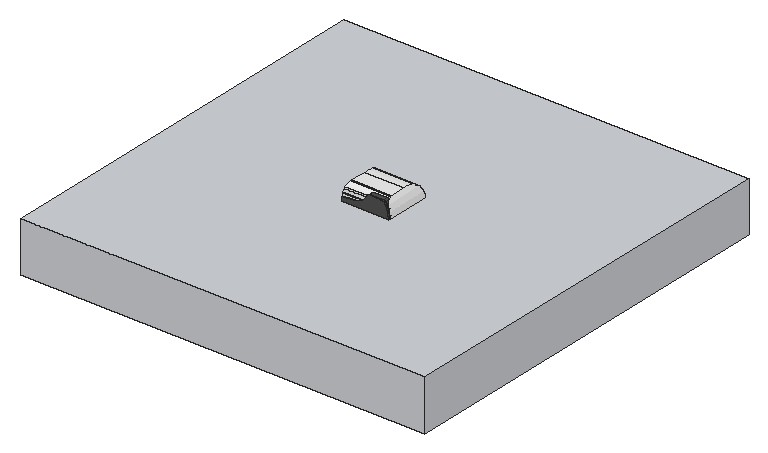
Revit family "706680001 Hand-Dryer_World-Dryer_SLIMdri", category Aparatos eléctricos, Revit 2018
Family settings
  Anfitrión = Cara
  Mantener orientación de anotación = No
  Cota de conector redondo = Diámetro de uso
  Tipo de pieza = Normal
  Número OmniClass = 23.40.20.21.14
  Título OmniClass = Hand and Hair Dryers
  Corte con vacíos al cargar = No
  Compartido = No
  Punto de cálculo de habitación = No
Parameters
  Warranty Duration (Years) = 0
  Voltage_MEP = 0 V
  Vida útil ( ciclos ) = "500.000"
  Unit Width = 290.314 mm
  Unit Weight = 0
  Unit Length = 271.76 mm
  Unit Depth = 99.02 mm
  URL = "https://www.corona.co/producto/secador-slim-max/706680001"
  Tipo = "Accesorio"
  Test Data = ""
  Surface Finish = Metal - World Dryer - White
  Standards Conformance = "as Specified"
  SpecWizard = ""
  Sound Pressure = "69 dB"
  Revision = "R1_7_2012"
  Referencia = "706680001"
  Nombre = "Secador Slim Max"
  Mounting Height [instance] = 939.8 mm
  Modelo = "As Specified"
  Material de fabricación = "Carcasa en aluminio cepillado"
  Marca = "CORONA"
  Manufacturer Website = "http://www.worlddryer.com/"
  Garantía = "10 años en el motor y carcasa  3 años en el ensamble del control"
  Fabricante = "World Dryer"
  Maintenance Schedule (Months) = 0
  MEP Apparent Power = 0 VA
  MEP Amperage = 0 A
  Nota clave = "10810"
  Installation Phase = ""
  Hardware Finish = Metal - World Dryer - Black
  Frequency = 0 Hz
  Expected Lifespan (Years) = 0
  Drying Time = "as Specified"
  Drawn By = "Sumex Design, Inc. / Robert S. Weygant, CSI, CDT, SCIP"
  Descripción = "World Dryer Electric Hand Dryer as Specified"
  Default Elevation = 1219.2 mm
  Cover Material = none
  Copyright = "©Arcat Inc."
  Consumo de energía = "950 Watios"
  Conexión electrica = "Entrada 110 o 240 v"
  Automatic = yes
  Código de montaje = "C1030210"
  Air Temperature = "as Specified"
  Air Output = "as Specified"
  Actuation = "as Specified"
  Accionamiento = "Sensor"
  ADA Compliant = yes
Reference planes
  plane 1 "Center (Front/Back)": y = -9.785
  plane 2: z = 0
  plane 3 "Center (Left/Right)": x = 0
  plane 4: x = -145.157
  plane 5: x = 145.157
  plane 6: z = 99.02
  plane 7 "FF": y = -1085.465
  plane 8: z = 0
  plane 9: y = -145.665
  plane 10: y = 126.095
Forms (mm)
  Extrusion 1, solid
    sketch origin (0, 0, 0) x (1, 0, 0) y (0, 1, 0)
      loop
        line (-1219.2, 1219.2) -> (-1219.2, -1219.2) -> (1219.2, -1219.2) -> (1219.2, 1219.2) -> (-1219.2, 1219.2)
    from 0 to -304.8
  Extrusion 2, solid, detail levels coarse
    sketch origin (0, 0, 0) x (1, 0, 0) y (0, 1, 0)
      loop
        line (-145.256, 125.797) -> (-145.256, -147.253) -> (146.844, -147.253) -> (146.844, 125.797) -> (-145.256, 125.797)
    from 0 to 99.465
Lines and regions (mm)
  symbolic lines, detail levels medium+fine
    curve 1: arc (-119.093, -9.785, 99.241) -> (-138.322, -9.785, 51.241) -> (-145.256, -9.785, 0) r 210.281
    curve 2: arc (-140.065, -9.785, 20.401) -> (-140.924, -9.785, 10.215) -> (-141.287, -9.785, 0) r 210.281
    curve 3: arc (-72.178, -9.785, 29.909) -> (-102.869, -9.785, 26.892) -> (-133.697, -9.785, 26.063) r 433.893
    curve 4: arc (-133.697, -9.785, 26.063) -> (-137.972, -9.785, 24.459) -> (-140.065, -9.785, 20.401) r 6.35
    curve 5: arc (-52.125, -9.785, 33.013) -> (-62.136, -9.785, 31.361) -> (-72.178, -9.785, 29.909) r 505.477
    curve 6: arc (15.456, -9.785, 85.472) -> (-11.826, -9.785, 50.859) -> (-52.125, -9.785, 33.013) r 91.508
    curve 7: arc (27.03, -9.785, 92.944) -> (20.142, -9.785, 90.913) -> (15.456, -9.785, 85.472) r 12.7
    curve 8: line (109.117, -9.785, 92.944) -> (27.03, -9.785, 92.944)
    curve 9: arc (120.529, -9.785, 85.816) -> (115.844, -9.785, 91.015) -> (109.117, -9.785, 92.944) r 12.7
    curve 10: arc (141.288, -9.785, 0) -> (135.58, -9.785, 44.038) -> (120.529, -9.785, 85.816) r 205.133
    curve 11: arc (145.256, -9.785, 0) -> (137.621, -9.785, 51.405) -> (117.313, -9.785, 99.241) r 205.133
    curve 12: line (-119.093, -9.785, 99.241) -> (117.313, -9.785, 99.241)
    curve 13: line (-145.256, -9.785, 0) -> (145.256, -9.785, 0)
    curve 14: line (-145.256, 125.797, 0) -> (-145.256, -134.553, 0)
    curve 15: spline (-119.093, 0.9, 0) -> (-119.098, -6.858, 0) -> (-119.106, -14.616, 0) -> (-119.117, -22.374, 0) -> (-119.132, -30.132, 0) -> (-119.151, -37.89, 0) -> (-119.173, -45.648, 0) -> (-119.198, -53.406, 0) -> (-119.227, -61.163, 0) -> (-119.259, -68.921, 0) -> (-119.295, -76.679, 0) -> (-119.333, -84.436, 0) -> (-119.376, -92.194, 0)
    curve 16: spline (-122.734, 65.591, 0) -> (-122.171, 60.29, 0) -> (-121.655, 54.965, 0) -> (-121.186, 49.619, 0) -> (-120.764, 44.254, 0) -> (-120.389, 38.872, 0) -> (-120.061, 33.476, 0) -> (-119.781, 28.066, 0) -> (-119.548, 22.646, 0) -> (-119.363, 17.217, 0) -> (-119.225, 11.781, 0) -> (-119.135, 6.342, 0) -> (-119.093, 0.9, 0)
    curve 17: spline (-127.74, 89.359, 0) -> (-127.177, 87.594, 0) -> (-126.638, 85.782, 0) -> (-126.125, 83.925, 0) -> (-125.638, 82.025, 0) -> (-125.176, 80.085, 0) -> (-124.742, 78.107, 0) -> (-124.336, 76.094, 0) -> (-123.957, 74.049, 0) -> (-123.608, 71.973, 0) -> (-123.287, 69.87, 0) -> (-122.995, 67.742, 0) -> (-122.734, 65.591, 0)
    curve 18: spline (-139.551, 115.965, 0) -> (-138.658, 114.592, 0) -> (-137.742, 113.05, 0) -> (-136.803, 111.345, 0) -> (-135.845, 109.478, 0) -> (-134.869, 107.455, 0) -> (-133.878, 105.281, 0) -> (-132.874, 102.96, 0) -> (-131.859, 100.498, 0) -> (-130.835, 97.901, 0) -> (-129.806, 95.175, 0) -> (-128.774, 92.325, 0) -> (-127.74, 89.359, 0)
    curve 19: spline (-119.376, -92.194, 0) -> (-119.391, -93.07, 0) -> (-119.422, -93.945, 0) -> (-119.468, -94.818, 0) -> (-119.528, -95.686, 0) -> (-119.604, -96.548, 0) -> (-119.695, -97.405, 0) -> (-119.8, -98.253, 0) -> (-119.92, -99.093, 0) -> (-120.054, -99.923, 0) -> (-120.203, -100.742, 0) -> (-120.365, -101.548, 0) -> (-120.541, -102.341, 0)
    curve 20: spline (-120.541, -102.341, 0) -> (-121.252, -105.172, 0) -> (-122.001, -107.929, 0) -> (-122.787, -110.607, 0) -> (-123.609, -113.198, 0) -> (-124.463, -115.698, 0) -> (-125.35, -118.099, 0) -> (-126.265, -120.397, 0) -> (-127.208, -122.587, 0) -> (-128.175, -124.663, 0) -> (-129.166, -126.62, 0) -> (-130.177, -128.455, 0) -> (-131.206, -130.162, 0)
    curve 21: line (145.259, 125.797, 0) -> (-145.256, 125.797, 0)
    curve 22: spline (130.06, -130.061, 0) -> (129, -128.352, 0) -> (127.956, -126.516, 0) -> (126.928, -124.558, 0) -> (125.921, -122.482, 0) -> (124.935, -120.294, 0) -> (123.973, -117.997, 0) -> (123.038, -115.597, 0) -> (122.131, -113.1, 0) -> (121.254, -110.512, 0) -> (120.411, -107.838, 0) -> (119.601, -105.084, 0) -> (118.828, -102.257, 0)
    curve 23: spline (132.781, -132.557, 0) -> (132.547, -132.487, 0) -> (132.314, -132.391, 0) -> (132.08, -132.27, 0) -> (131.848, -132.123, 0) -> (131.617, -131.95, 0) -> (131.387, -131.753, 0) -> (131.159, -131.531, 0) -> (130.934, -131.284, 0) -> (130.71, -131.013, 0) -> (130.49, -130.719, 0) -> (130.273, -130.401, 0) -> (130.06, -130.061, 0)
    curve 24: spline (118.828, -102.257, 0) -> (118.642, -101.47, 0) -> (118.471, -100.67, 0) -> (118.314, -99.858, 0) -> (118.173, -99.034, 0) -> (118.048, -98.201, 0) -> (117.938, -97.358, 0) -> (117.844, -96.509, 0) -> (117.766, -95.652, 0) -> (117.704, -94.791, 0) -> (117.658, -93.925, 0) -> (117.628, -93.056, 0) -> (117.615, -92.186, 0)
    curve 25: spline (117.615, -92.186, 0) -> (117.57, -84.406, 0) -> (117.529, -76.626, 0) -> (117.491, -68.846, 0) -> (117.457, -61.066, 0) -> (117.427, -53.286, 0) -> (117.4, -45.505, 0) -> (117.377, -37.725, 0) -> (117.357, -29.945, 0) -> (117.341, -22.164, 0) -> (117.329, -14.384, 0) -> (117.32, -6.603, 0) -> (117.315, 1.177, 0)
    curve 26: spline (117.315, 1.177, 0) -> (117.353, 6.578, 0) -> (117.441, 11.977, 0) -> (117.581, 17.371, 0) -> (117.773, 22.759, 0) -> (118.016, 28.138, 0) -> (118.31, 33.506, 0) -> (118.655, 38.861, 0) -> (119.051, 44.201, 0) -> (119.497, 49.524, 0) -> (119.995, 54.828, 0) -> (120.543, 60.11, 0) -> (121.141, 65.369, 0)
    curve 27: spline (121.141, 65.369, 0) -> (121.431, 67.54, 0) -> (121.75, 69.688, 0) -> (122.098, 71.811, 0) -> (122.475, 73.906, 0) -> (122.88, 75.97, 0) -> (123.313, 78.001, 0) -> (123.772, 79.996, 0) -> (124.258, 81.952, 0) -> (124.77, 83.867, 0) -> (125.306, 85.738, 0) -> (125.867, 87.562, 0) -> (126.452, 89.339, 0)
    curve 28: spline (126.452, 89.339, 0) -> (127.509, 92.309, 0) -> (128.572, 95.161, 0) -> (129.637, 97.89, 0) -> (130.703, 100.488, 0) -> (131.767, 102.95, 0) -> (132.827, 105.27, 0) -> (133.88, 107.443, 0) -> (134.924, 109.464, 0) -> (135.956, 111.327, 0) -> (136.974, 113.03, 0) -> (137.976, 114.568, 0) -> (138.959, 115.937, 0)
    curve 29: spline (138.959, 115.937, 0) -> (139.871, 117.231, 0) -> (140.716, 118.442, 0) -> (141.491, 119.57, 0) -> (142.196, 120.612, 0) -> (142.83, 121.568, 0) -> (143.394, 122.437, 0) -> (143.886, 123.219, 0) -> (144.306, 123.913, 0) -> (144.653, 124.518, 0) -> (144.928, 125.034, 0) -> (145.13, 125.461, 0) -> (145.259, 125.797, 0)
    curve 30: line (146.844, -134.553, 0) -> (146.844, 125.797, 0)
    curve 31: line (-141.287, -145.665, 0) -> (141.287, -145.665, 0)
    curve 32: line (-141.287, -145.665, 0) -> (-141.287, -134.553, 0)
    curve 33: line (141.287, -145.665, 0) -> (141.287, -134.554, 0)
    curve 34: spline (-145.258, 125.8, 0) -> (-145.168, 125.466, 0) -> (-145.006, 125.043, 0) -> (-144.774, 124.529, 0) -> (-144.471, 123.927, 0) -> (-144.098, 123.235, 0) -> (-143.655, 122.455, 0) -> (-143.142, 121.588, 0) -> (-142.56, 120.634, 0) -> (-141.91, 119.594, 0) -> (-141.191, 118.468, 0) -> (-140.404, 117.258, 0) -> (-139.551, 115.965, 0)
    curve 35: line (-145.256, -134.553, 0) -> (-139.917, -134.553, 0)
    curve 36: line (146.844, -134.553, 0) -> (139.663, -134.553, 0)
    curve 37: line (-141.287, -134.553, 0) -> (10.067, -115.204, 0)
    curve 38: line (10.067, -115.204, 0) -> (141.287, -134.554, 0)
    curve 39: spline (139.663, -134.553, 0) -> (139.191, -134.384, 0) -> (138.701, -134.216, 0) -> (138.192, -134.048, 0) -> (137.665, -133.88, 0) -> (137.118, -133.713, 0) -> (136.554, -133.546, 0) -> (135.971, -133.38, 0) -> (135.369, -133.214, 0) -> (134.75, -133.049, 0) -> (134.112, -132.884, 0) -> (133.455, -132.72, 0) -> (132.781, -132.557, 0)
    curve 44: arc (0, 115.921, 46.465) -> (0, 122.478, 23.56) -> (0, 125.799, -0.032) r 171.593
    curve 45: arc (0, 89.402, 81.657) -> (0, 105.298, 66.048) -> (0, 115.921, 46.465) r 75.17
    curve 46: arc (0, 65.198, 92.433) -> (0, 77.864, 88.312) -> (0, 89.402, 81.657) r 63.944
    curve 47: arc (0, 0.424, 99.241) -> (0, 32.991, 97.547) -> (0, 65.198, 92.433) r 309.309
    curve 49: arc (0, -92.194, 98.727) -> (0, -45.886, 99.095) -> (0, 0.424, 99.241) r 9663.001
    curve 50: arc (0, -102.118, 96.667) -> (0, -97.256, 98.181) -> (0, -92.194, 98.727) r 26.253
    curve 51: arc (0, -130.167, 73.247) -> (0, -117.894, 87.054) -> (0, -102.118, 96.667) r 62.463
    curve 52: arc (0, -132.558, 66.33) -> (0, -131.789, 69.936) -> (0, -130.167, 73.247) r 15.058
    curve 53: line (0, -132.558, 66.33) -> (0, -134.457, 44.621)
    curve 55: line (0, -134.553, 42.431) -> (0, -134.553, -0.032)
    curve 56: line (0, -109.493, 92.968) -> (0, -145.665, 92.968)
    curve 57: line (0, -145.665, 92.968) -> (0, -145.665, -0.032)
  symbolic lines, detail levels coarse
    curve 40: line (-145.258, 125.8, 0) -> (145.157, 125.8, 0)
    curve 41: line (-145.258, -145.665, 0) -> (-145.258, 125.8, 0)
    curve 42: line (145.157, -145.665, 0) -> (-145.258, -145.665, 0)
    curve 43: line (145.157, 125.8, 0) -> (145.157, -145.665, 0)
    curve 58: line (0, 126.095, 99.02) -> (0, -145.665, 99.02)
    curve 59: line (0, 126.095, -0.032) -> (0, 126.095, 99.02)
    curve 60: line (0, -145.665, -0.032) -> (0, 126.095, -0.032)
    curve 61: line (0, -145.665, 99.02) -> (0, -145.665, -0.032)
    curve 62: line (-145.157, -9.785, 99.02) -> (145.157, -9.785, 99.02)
    curve 63: line (-145.157, -9.785, 99.02) -> (-145.157, -9.785, 1.02)
    curve 64: line (145.157, -9.785, 99.02) -> (145.157, -9.785, 1.02)
  symbolic lines
    curve 48: arc (0, -92.194, 98.727) -> (0, -45.886, 99.095) -> (0, 0.424, 99.241) r 9663.001
    curve 54: arc (0, -134.553, 42.431) -> (0, -134.529, 43.527) -> (0, -134.457, 44.621) r 25.131
Dimensions and locks
  "Unit Depth": plane 6 to level
  equal spacing: plane 4, plane 3 "Center (Left/Right)", plane 5
  "Unit Width": plane 4 to plane 5
  "Mounting Height": plane 9 to plane 7 "FF"
  equal spacing: plane 9, plane 1 "Center (Front/Back)", plane 10
  "Unit Length": plane 9 to plane 10
  aligned and locked: plane 2 to Extrusion 1
  aligned and locked: level to Extrusion 1
  aligned and locked: plane 9 to nested 1
  aligned and locked: nested 1 to level
Automatic sketch dimensions
  Extrusion 1 sketch curve to Extrusion 1 sketch curve = 2438.4 mm  (x2)
  Extrusion 2 sketch curve to plane 4 = 0.099 mm
  plane 5 to Extrusion 2 sketch curve = 1.687 mm
  plane 9 to Extrusion 2 sketch curve = 1.588 mm
  plane 10 to Extrusion 2 sketch curve = 0.298 mm
  plane 9 to curve 42 = 0 mm
  plane 9 to curve 32 = 0 mm
  curve 40 to plane 5 = 0 mm
  curve 33 to plane 5 = 3.87 mm
  curve 36 to curve 33 = 1.624 mm
  plane 3 "Center (Left/Right)" to curve 37 = 10.067 mm
  plane 4 to curve 37 = 3.87 mm
  curve 35 to plane 4 = 0.099 mm
  curve 41 to curve 14 = 0.002 mm
  plane 5 to curve 21 = 0.102 mm
  plane 5 to curve 36 = 1.687 mm
  curve 38 to plane 9 = 11.111 mm
  curve 33 to curve 30 = 0.001 mm
  curve 14 to plane 9 = 11.112 mm
  curve 32 to curve 35 = 0 mm
  curve 38 to plane 9 = 30.462 mm
  plane 10 to curve 14 = 0.298 mm
  curve 14 to curve 41 = 0.003 mm
  curve 27 to plane 5 = 1.146 mm
  curve 22 to plane 5 = 1.984 mm
  curve 28 to plane 5 = 6.199 mm
  curve 22 to plane 5 = 9.652 mm
  curve 39 to curve 23 = 0.602 mm
  curve 23 to plane 5 = 12.564 mm
  curve 22 to curve 23 = 2.721 mm
  curve 28 to plane 5 = 15.303 mm
  curve 24 to plane 5 = 15.817 mm
  curve 24 to curve 23 = 3.29 mm
  curve 28 to plane 5 = 18.705 mm
  curve 27 to plane 5 = 24.016 mm
  curve 24 to curve 24 = 10.512 mm
  curve 25 to curve 22 = 1.213 mm
  curve 26 to plane 1 "Center (Front/Back)" = 10.962 mm
  curve 26 to curve 28 = 12.539 mm
  curve 29 to plane 1 "Center (Front/Back)" = 28.835 mm
  plane 3 "Center (Left/Right)" to curve 29 = 58.8 mm
  curve 34 to plane 1 "Center (Front/Back)" = 26.787 mm
  curve 34 to plane 3 "Center (Left/Right)" = 59.829 mm
  curve 39 to plane 9 = 6.941 mm
  curve 39 to plane 3 "Center (Left/Right)" = 61.213 mm
  curve 15 to plane 1 "Center (Front/Back)" = 10.685 mm
  plane 4 to curve 15 = 26.064 mm
  plane 4 to curve 19 = 25.781 mm
  curve 20 to curve 19 = 1.165 mm
  plane 4 to curve 17 = 22.423 mm
  plane 4 to curve 18 = 17.417 mm
  plane 4 to curve 18 = 16.873 mm
  curve 19 to curve 15 = 10.997 mm
  plane 4 to curve 19 = 14.711 mm
  curve 32 to curve 20 = 10.082 mm
  plane 4 to curve 20 = 7.108 mm
  plane 4 to curve 18 = 5.606 mm
  curve 32 to curve 35 = 1.371 mm
  plane 4 to curve 20 = 1.2 mm
  curve 34 to plane 4 = 0.044 mm
  curve 18 to plane 4 = 0.403 mm
  curve 17 to plane 4 = 1.262 mm
  curve 17 to plane 4 = 2.382 mm
  curve 16 to plane 1 "Center (Front/Back)" = 10.116 mm
  curve 16 to plane 4 = 97.655 mm
  curve 15 to plane 1 "Center (Front/Back)" = 17.604 mm
  curve 15 to curve 16 = 3950.097 mm
  plane 5 to curve 29 = 0.109 mm
  plane 5 to curve 28 = 0.729 mm
  plane 5 to curve 27 = 1.039 mm
  curve 26 to plane 1 "Center (Front/Back)" = 10.072 mm
  plane 5 to curve 26 = 104.497 mm
  plane 5 to curve 26 = 104.692 mm
  curve 25 to plane 1 "Center (Front/Back)" = 17.609 mm
  curve 26 to curve 25 = 4061.939 mm
  curve 25 to plane 7 "FF" = 7265.258 mm
  curve 15 to plane 7 "FF" = 7379.603 mm
  curve 20 to curve 14 = 5.065 mm
  curve 23 to curve 39 = 0.06 mm
  curve 35 to curve 20 = 4.391 mm
  curve 28 to curve 27 = 24.145 mm
  curve 18 to curve 17 = 23.361 mm
  curve 18 to curve 17 = 8.169 mm
  plane 10 to curve 30 = 0.298 mm
  curve 22 to curve 36 = 9.603 mm
  plane 5 to curve 39 = 0.128 mm
  curve 22 to curve 39 = 0.861 mm
  curve 61 to plane 9 = 0 mm
  curve 55 to level = 0.032 mm
  curve 60 to plane 10 = 0 mm
  curve 58 to plane 6 = 0 mm
  curve 55 to plane 9 = 11.113 mm
  curve 55 to curve 53 = 0.096 mm
  curve 53 to plane 9 = 13.107 mm
  curve 52 to curve 52 = 15 mm
  curve 52 to curve 54 = 8.135 mm
  curve 52 to curve 50 = 25.635 mm
  curve 54 to curve 51 = 31.563 mm
  curve 44 to level = 12.1 mm
  plane 1 "Center (Front/Back)" to curve 44 = 35.584 mm
  curve 47 to plane 1 "Center (Front/Back)" = 10.444 mm
  curve 48 to plane 1 "Center (Front/Back)" = 17.565 mm
  level to curve 45 = 20.81 mm
  curve 45 to plane 1 "Center (Front/Back)" = 55.05 mm
  curve 45 to curve 46 = 6.592 mm
  curve 47 to curve 44 = 197.967 mm
  curve 49 to curve 47 = 9353.69 mm
  curve 45 to curve 46 = 9.087 mm
  level to curve 51 = 39.107 mm
  curve 51 to curve 54 = 3.323 mm
  curve 54 to curve 52 = 22.587 mm
  curve 52 to curve 53 = 1.312 mm
  curve 50 to plane 6 = 26.545 mm
  curve 57 to plane 6 = 6.053 mm
  curve 51 to curve 52 = 0 mm
  curve 50 to curve 51 = 0 mm
  curve 48 to curve 50 = 0 mm
  curve 47 to curve 48 = 0 mm
  curve 46 to curve 47 = 0 mm
  curve 45 to curve 46 = 0 mm
  curve 44 to curve 45 = 0 mm
  curve 1 to level = 0 mm
  curve 62 to plane 4 = 0 mm
  curve 62 to plane 5 = 0 mm
  curve 63 to plane 6 = 0 mm
  curve 13 to plane 4 = 0.099 mm
  plane 4 to curve 5 = 5.689 mm
  plane 4 to curve 4 = 11.405 mm
  plane 4 to curve 3 = 15.218 mm
  plane 6 to curve 12 = 0.221 mm
  plane 4 to curve 12 = 26.064 mm
  plane 6 to curve 6 = 24.124 mm
  curve 1 to curve 6 = 51.156 mm
  curve 10 to level = 4.192 mm
  curve 10 to plane 3 "Center (Left/Right)" = 63.803 mm
  curve 10 to curve 11 = 3.969 mm
  curve 7 to plane 6 = 18.777 mm
  plane 3 "Center (Left/Right)" to curve 7 = 27.03 mm
  curve 1 to level = 2.364 mm
  curve 1 to curve 2 = 3.969 mm
  curve 8 to plane 6 = 6.077 mm
  curve 8 to plane 5 = 36.041 mm
  curve 9 to curve 12 = 8.196 mm
  plane 5 to curve 13 = 0.099 mm
  curve 2 to level = 2.364 mm
  level to curve 4 = 19.714 mm
  curve 9 to curve 8 = 12.7 mm
  curve 6 to curve 3 = 336.796 mm
  curve 3 to curve 5 = 70.946 mm
  plane 4 to curve 2 = 3.87 mm
  curve 4 to curve 2 = 0 mm
  curve 3 to curve 4 = 0 mm
  curve 5 to curve 3 = 0 mm
  curve 6 to curve 5 = 0 mm
  curve 10 to curve 9 = 0 mm
  level to curve 64 = 1.02 mm
  level to curve 63 = 1.02 mm
Nested families
  nested 1: "SLIMdri Dryer" at (0, -4.378, 0), type "SLIMdri Dryer", detail levels medium+fine
Connectors
  electrical at (-8.731, -45.653, 0)
    settings: on nested 1, index 1, voltage 0 V, apparent load 0 VA, apparent load phase1 0 VA, apparent load phase2 0 VA, apparent load phase3 0 VA, power factor 1, load classification "Other", number of poles 1, system type 31, power factor state 1, is connector primary yes, connector utility no, sub classification motor no, connector description ""
Definition of nested family "SLIMdri Dryer"
  Parameters
    Default Elevation = 1219.2 mm
    Body Material = none
    Accent Material = none
  Reference planes
    plane 1 "Center (Front/Back)": y = 0
    plane 2: z = 0
    plane 3 "Center (Left/Right)": x = 0
    plane 4: z = 93.292
  Forms (mm)
    Extrusion 1, solid, material <- "Body Material"
      sketch origin (145.256, -121.939, -471.566) x (0, 0, 1) y (0, 1, 0)
        loop
          line (471.566, 252.114) -> (471.566, -8.236) -> (513.997, -8.236)
          arc (513.997, -8.236) -> (515.093, -8.212) -> (516.187, -8.14) r 25.131
          line (516.187, -8.14) -> (537.895, -6.241)
          arc (537.895, -6.241) -> (541.502, -5.472) -> (544.813, -3.85) r 15.058
          arc (544.813, -3.85) -> (558.62, 8.423) -> (568.233, 24.199) r 62.463
          arc (568.233, 24.199) -> (569.746, 29.061) -> (570.293, 34.123) r 26.253
          arc (570.293, 34.123) -> (570.661, 80.431) -> (570.807, 126.741) r 9663.001
          arc (570.807, 126.741) -> (569.113, 159.308) -> (563.999, 191.515) r 309.309
          arc (563.999, 191.515) -> (559.878, 204.181) -> (553.223, 215.719) r 63.944
          arc (553.223, 215.719) -> (537.614, 231.615) -> (518.031, 242.238) r 75.17
          arc (518.031, 242.238) -> (495.142, 248.792) -> (471.566, 252.114) r 171.593
      from 290.512 to 0
    Extrusion 2, void
      sketch origin (-267.345, -152.4, -64.89) x (1, 0, 0) y (0, 0, -1)
        loop
          line (122.089, -64.89) -> (115.739, -64.89) -> (115.739, -170.226) -> (420.539, -170.226) -> (420.539, -64.89) -> (412.602, -64.89)
          arc (412.602, -64.89) -> (404.966, -116.295) -> (384.658, -164.131) r 205.133
          line (384.658, -164.131) -> (148.252, -164.131)
          arc (148.252, -164.131) -> (129.023, -116.131) -> (122.089, -64.89) r 210.281
      from -26.233 to 296.417
    Extrusion 3, solid, material <- "Accent Material"
      sketch origin (-267.345, 152.4, -69.213) x (1, 0, 0) y (0, 0, 1)
        loop
          line (126.058, 69.213) -> (408.633, 69.213)
          arc (408.633, 69.213) -> (402.925, 113.251) -> (387.874, 155.029) r 205.133
          arc (387.874, 155.029) -> (383.189, 160.228) -> (376.462, 162.156) r 12.7
          line (376.462, 162.156) -> (294.375, 162.156)
          arc (294.375, 162.156) -> (287.487, 160.126) -> (282.802, 154.685) r 12.7
          arc (282.802, 154.685) -> (255.519, 120.072) -> (215.22, 102.226) r 91.508
          arc (215.22, 102.226) -> (205.21, 100.573) -> (195.168, 99.122) r 505.477
          arc (195.168, 99.122) -> (164.476, 96.105) -> (133.648, 95.276) r 433.893
          arc (133.648, 95.276) -> (129.374, 93.672) -> (127.28, 89.614) r 6.35
          arc (127.28, 89.614) -> (126.421, 79.428) -> (126.058, 69.213) r 210.281
      from 205.233 to 289.264
    Extrusion 4, solid
      sketch origin (-267.345, 152.4, -69.213) x (1, 0, 0) y (0, 0, 1)
        loop
          line (126.058, 69.213) -> (408.633, 69.213)
          arc (408.633, 69.213) -> (402.925, 113.251) -> (387.874, 155.029) r 205.133
          arc (387.874, 155.029) -> (383.189, 160.228) -> (376.462, 162.156) r 12.7
          line (376.462, 162.156) -> (294.375, 162.156)
          arc (294.375, 162.156) -> (287.487, 160.126) -> (282.802, 154.685) r 12.7
          arc (282.802, 154.685) -> (255.519, 120.072) -> (215.22, 102.226) r 91.508
          arc (215.22, 102.226) -> (205.21, 100.573) -> (195.168, 99.122) r 505.477
          arc (195.168, 99.122) -> (164.476, 96.105) -> (133.648, 95.276) r 433.893
          arc (133.648, 95.276) -> (129.374, 93.672) -> (127.28, 89.614) r 6.35
          arc (127.28, 89.614) -> (126.421, 79.428) -> (126.058, 69.213) r 210.281
      from 289.264 to 293.688
  Cuts and joins
    Extrusion 2 cuts Extrusion 1
